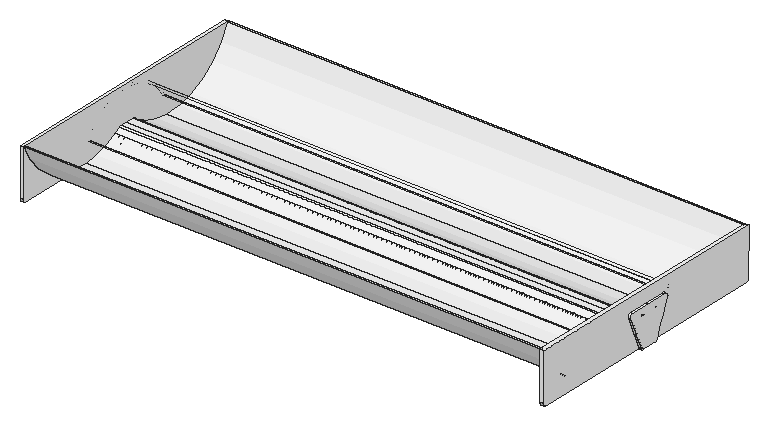
Revit family "STE24", category Lighting Fixtures, host Face, Revit 2012
Parameters (values of type "STE24-328G-MPO-EPU")
  Wattage Comments = "91W"
  Wattage = 91 W
  built-in parameter 1150110 = 1 (stored number, unit not read)
  URL = "http://www.columbialighting.com/"
  built-in parameter 1114217 = 1 (stored number, unit not read)
  Tilt Angle = -90.00°
  built-in parameter 1150109 = 1 (stored number, unit not read)
  built-in parameter 1150134 = (empty or 0)
  built-in parameter 1150113 = 1 (stored number, unit not read)
  Product Page URL = "http://www.columbialighting.com/products/ste/"
  Product Documentation Link = "http://www.columbialighting.com/content/products/specs/specs_files/ste24_240tt.pdf"
  Photometric Web File = "3474.IES"
  Model = "STE24"  # constant formula
  Manufacturer Phone = "864.678.1000"  # constant formula
  Manufacturer Fax = "866.898.1065"  # constant formula
  Manufacturer = "Columbia Lighting"  # constant formula
  built-in parameter 1150105 = 3678.4 (stored number, unit not read)
  Lumens = 13517.3 lm
  built-in parameter 1150115 = 1 (stored number, unit not read)
  built-in parameter 1150137 = (empty or 0)
  built-in parameter 1150139 = (empty or 0)
  built-in parameter 1150112 = 1 (stored number, unit not read)
  built-in parameter 1150114 = 1 (stored number, unit not read)
  Lamp = "3"
  built-in parameter 1150132 = (empty or 0)
  built-in parameter 1150102 = (empty or 0)
  built-in parameter 1150107 = 2725 (stored number, unit not read)
  built-in parameter 1150138 = (empty or 0)
  built-in parameter 1150106 = 36.784 (stored number, unit not read)
  Glass = Glass
  Emit from Line Length = 46.000"
  built-in parameter 1150104 = 13.8 (stored number, unit not read)
  Dimming Lamp Color Temperature Shift = <None>
  Description = "2' × 4' Stratus® Recessed Indirect / 2-Lamp Twin Tube Cross Section"  # constant formula
  Default Elevation = 48.000"
  Color Filter = 16777215
  built-in parameter 1114218 = 1 (stored number, unit not read)
  Backbox = White
  built-in parameter 1150133 = 10 (stored number, unit not read)
Types (9): name | Wattage Comments | Wattage | Photometric Web File | built-in parameter 1150105 | Lumens | Lamp | built-in parameter 1150106
  STE24-228G-MPO-EPU | "65W" | 65 W | "itl67663.IES" | 2969 (stored number, unit not read) | 9655.23 lm | "2" | 29.69 (stored number, unit not read)
  STE24-232G-MPO-EU | "49W" | 49 W | "ITL65806.IESÿ" | 579.21 (stored number, unit not read) | 7278.56 lm | "2" | 5.7921 (stored number, unit not read)
  STE24-254G-MPO-EPU | "113W" | 113 W | "3703.IES" | 4696.1 (stored number, unit not read) | 16785.2 lm | "2" | 46.961 (stored number, unit not read)
  STE24-328G-CLO-EPU | "93W" | 93 W | "3477.IES" | 4171.5 (stored number, unit not read) | 13814.4 lm | "3" | 41.715 (stored number, unit not read)
  STE24-328G-MPO-EPU | "91W" | 91 W | "3474.IES" | 3678.4 (stored number, unit not read) | 13517.3 lm | "3" | 36.784 (stored number, unit not read)
  STE24-332G-MPO-3EU-DG | "69W" | 69 W | "3464.IES" | 2725.6 (stored number, unit not read) | 10249.4 lm | "3" | 27.256 (stored number, unit not read)
  STE24-332G-MPO-EU | "71W" | 71 W | "ITL65805.IES" | 2875 (stored number, unit not read) | 10546.5 lm | "3" | 28.75 (stored number, unit not read)
  STE24-328G-WPBMPO-EPU | "93W" | 93 W | "3475.IES" | 3790.8 (stored number, unit not read) | 13814.4 lm | "3" | 37.908 (stored number, unit not read)
  STE24-354G-MPO-EPU | "161W" | 161 W | "3708.IES" | 6237.7 (stored number, unit not read) | 23915.3 lm | "3" | 62.377 (stored number, unit not read)
Reference planes (in)
  plane 1 "Center (Front/Back)": y = 0.03999
  plane 2: z = 0
  plane 3 "Center (Left/Right)": x = 0.07354
  plane 4: y = 12.03999
  plane 5: y = -11.96001
  plane 6: x = -24.42646
  plane 7: x = 24.57354
  plane 8: x = -24.12646
  plane 9: x = 24.27354
  plane 10: z = 0.75
  plane 11: z = -4.75
  plane 12: z = -2.93643
  plane 13: x = 24.87354
  plane 14: x = -24.72646
Forms (in)
  Extrusion 1, void
    sketch origin (0.07354, 0, 0) x (0, 1, 0) y (0, 0, 1)
      loop
        line (12.03999, 0.75) -> (-11.96001, 0.75) -> (-11.96001, -4.75) -> (12.03999, -4.75) -> (12.03999, 0.75)
    from -24.5 to 24.5
  Extrusion 2, solid, material "Glass" <- "Glass"
    sketch origin (0.07354, 0, 0) x (0, 1, 0) y (0, 0, 1)
      loop
        arc (4.57433, -2.93643) -> (0.06712, -0.12527) -> (-4.4401, -2.93643) r 5.01886
        line (-4.4401, -2.93643) -> (-4.21757, -2.93643)
        arc (-4.21757, -2.93643) -> (0.06712, -0.32412) -> (4.3518, -2.93643) r 4.82
        line (4.3518, -2.93643) -> (4.57433, -2.93643)
    from -24.2 to 24.2
  Extrusion 3, solid, material "White" <- "Backbox"
    sketch origin (0.07354, 0, 0) x (0, 1, 0) y (0, 0, 1)
      loop
        line (12.03999, 0) -> (11.83893, 0)
        arc (11.83893, 0) -> (9.01536, -3.42293) -> (4.72476, -4.55423) r 7.236
        arc (4.72476, -4.55423) -> (2.99077, -4.24866) -> (1.38211, -3.5329) r 7.22759
        line (1.38211, -3.5329) -> (0.85525, -3.20939)
        arc (0.85525, -3.20939) -> (0.7934, -3.18268) -> (0.72665, -3.17355) r 0.24866
        line (0.72665, -3.17355) -> (0.03999, -3.17355) -> (-0.64666, -3.17355)
        arc (-0.64666, -3.17355) -> (-0.71338, -3.18261) -> (-0.77527, -3.20913) r 0.25022
        line (-0.77527, -3.20913) -> (-1.30212, -3.53095)
        arc (-1.30212, -3.53095) -> (-2.91055, -4.24807) -> (-4.64478, -4.55423) r 7.21582
        arc (-4.64478, -4.55423) -> (-8.93537, -3.42293) -> (-11.75895, 0) r 7.236
        line (-11.75895, 0) -> (-11.96001, 0)
        arc (-11.96001, 0) -> (-9.06722, -3.52815) -> (-4.65728, -4.69802) r 7.42334
        arc (-4.65728, -4.69802) -> (-2.8855, -4.38507) -> (-1.24134, -3.65439) r 7.41107
        line (-1.24134, -3.65439) -> (-0.83133, -3.40921)
        arc (-0.83133, -3.40921) -> (-0.76958, -3.3828) -> (-0.70302, -3.37378) r 0.25
        line (-0.70302, -3.37378) -> (0.03999, -3.37378) -> (0.78301, -3.37378)
        arc (0.78301, -3.37378) -> (0.84959, -3.38287) -> (0.91131, -3.40947) r 0.24844
        line (0.91131, -3.40947) -> (1.32132, -3.65283)
        arc (1.32132, -3.65283) -> (2.96529, -4.3846) -> (4.73727, -4.69802) r 7.40159
        arc (4.73727, -4.69802) -> (9.1472, -3.52815) -> (12.03999, 0) r 7.42334
    from -24.2 to 24.2
  Extrusion 4, solid, material "White" <- "Backbox"
    sketch origin (0.07354, 0, 0) x (0, 1, 0) y (0, 0, 1)
      loop
        line (12.03999, 0) -> (-11.96001, 0) -> (-11.96001, -4.45)
        arc (-11.96001, -4.45) -> (-11.87214, -4.66213) -> (-11.66001, -4.75) r 0.3
        line (-11.66001, -4.75) -> (11.73999, -4.75)
        arc (11.73999, -4.75) -> (11.95212, -4.66213) -> (12.03999, -4.45) r 0.3
        line (12.03999, -4.45) -> (12.03999, 0)
    from 24.2 to 24.5
  Extrusion 5, solid, material "White" <- "Backbox"
    sketch origin (0.07354, 0, 0) x (0, 1, 0) y (0, 0, -1)
      loop
        line (12.03999, 0) -> (12.03999, 4.45)
        arc (12.03999, 4.45) -> (11.95212, 4.66213) -> (11.73999, 4.75) r 0.3
        line (11.73999, 4.75) -> (-11.66001, 4.75)
        arc (-11.66001, 4.75) -> (-11.87214, 4.66213) -> (-11.96001, 4.45) r 0.3
        line (-11.96001, 4.45) -> (-11.96001, 0) -> (12.03999, 0)
    from 24.2 to 24.5
  Extrusion 6, solid, material "White" <- "Backbox"
    sketch origin (0.07354, 0, 0) x (0, 1, 0) y (0, 0, 1)
      loop
        arc (1.23514, -3.86657) -> (1.35402, -3.75289) -> (1.51792, -3.76678) r 0.2
        arc (1.51792, -3.76678) -> (1.41919, -3.71056) -> (1.32132, -3.65283) r 7.40159
        line (1.32132, -3.65283) -> (1.22234, -3.59408)
        arc (1.22234, -3.59408) -> (1.11936, -3.67831) -> (1.0497, -3.79166) r 0.4
        line (1.0497, -3.79166) -> (0.74455, -4.55) -> (0.03999, -4.55) -> (-0.66457, -4.55) -> (-0.96972, -3.79472)
        arc (-0.96972, -3.79472) -> (-1.03938, -3.68138) -> (-1.14235, -3.59715) r 0.4
        line (-1.14235, -3.59715) -> (-1.24134, -3.65634)
        arc (-1.24134, -3.65634) -> (-1.33921, -3.71385) -> (-1.43794, -3.76985) r 7.42294
        arc (-1.43794, -3.76985) -> (-1.27404, -3.75596) -> (-1.15516, -3.86964) r 0.2
        line (-1.15516, -3.86964) -> (-0.85138, -4.62152)
        arc (-0.85138, -4.62152) -> (-0.77578, -4.71488) -> (-0.6609, -4.75) r 0.20544
        line (-0.6609, -4.75) -> (0.03999, -4.75) -> (0.74088, -4.75)
        arc (0.74088, -4.75) -> (0.85576, -4.71488) -> (0.93136, -4.62152) r 0.20544
        line (0.93136, -4.62152) -> (1.23514, -3.86657)
    from -24.2 to 24.2
  Extrusion 7, solid, material "White" <- "Backbox"
    sketch origin (-11.92646, 0, 0) x (0, 1, 0) y (0, 0, 1)
      loop
        line (0.93136, -4.62152) -> (1.23514, -3.86964) -> (1.46189, -3.30843) -> (1.51034, -3.18849) -> (2.16196, -1.57567)
        arc (2.16196, -1.57567) -> (2.13743, -1.34222) -> (1.93017, -1.23202) r 0.25
        line (1.93017, -1.23202) -> (0.03999, -1.23202) -> (-1.85019, -1.23202)
        arc (-1.85019, -1.23202) -> (-2.05745, -1.34222) -> (-2.08198, -1.57567) r 0.25
        line (-2.08198, -1.57567) -> (-1.43036, -3.18849) -> (-1.3819, -3.30843) -> (-1.15516, -3.86964) -> (-0.85138, -4.62152)
        arc (-0.85138, -4.62152) -> (-0.77578, -4.71488) -> (-0.6609, -4.75) r 0.20544
        line (-0.6609, -4.75) -> (0.03999, -4.75) -> (0.74088, -4.75)
        arc (0.74088, -4.75) -> (0.85576, -4.71488) -> (0.93136, -4.62152) r 0.20544
      loop
        arc (0.77321, -2.01699) -> (0.98165, -1.90176) -> (0.93594, -1.66802) r 0.20228
        arc (0.93594, -1.66802) -> (0.7409, -1.78949) -> (0.77321, -2.01699) r 0.21047
      loop
        arc (-0.84516, -1.66802) -> (-0.89088, -1.90176) -> (-0.68244, -2.01699) r 0.20228
        arc (-0.68244, -2.01699) -> (-0.65012, -1.78949) -> (-0.84516, -1.66802) r 0.21047
    from 36.5 to 36.8
  Extrusion 8, solid, material "White" <- "Backbox"
    sketch origin (0.07354, 0, 0) x (0, 1, 0) y (0, 0, 1)
      loop
        line (0.03999, -4.75) -> (0.74088, -4.75)
        arc (0.74088, -4.75) -> (0.85576, -4.71488) -> (0.93136, -4.62152) r 0.20544
        line (0.93136, -4.62152) -> (1.23514, -3.86964) -> (1.46189, -3.30843) -> (1.51034, -3.18849) -> (2.16196, -1.57567)
        arc (2.16196, -1.57567) -> (2.13743, -1.34222) -> (1.93017, -1.23202) r 0.25
        line (1.93017, -1.23202) -> (0.03999, -1.23202) -> (-1.85019, -1.23202)
        arc (-1.85019, -1.23202) -> (-2.05745, -1.34222) -> (-2.08198, -1.57567) r 0.25
        line (-2.08198, -1.57567) -> (-1.43036, -3.18849) -> (-1.3819, -3.30843) -> (-1.15516, -3.86964) -> (-0.85138, -4.62152)
        arc (-0.85138, -4.62152) -> (-0.77578, -4.71488) -> (-0.6609, -4.75) r 0.20544
        line (-0.6609, -4.75) -> (0.03999, -4.75)
      loop
        arc (0.93594, -1.66802) -> (0.7409, -1.78949) -> (0.77321, -2.01699) r 0.21047
        arc (0.77321, -2.01699) -> (0.98165, -1.90176) -> (0.93594, -1.66802) r 0.20228
      loop
        arc (-0.84516, -1.66802) -> (-0.89088, -1.90176) -> (-0.68244, -2.01699) r 0.20228
        arc (-0.68244, -2.01699) -> (-0.65012, -1.78949) -> (-0.84516, -1.66802) r 0.21047
    from -24.8 to -24.5
Cuts and joins
  joined: Extrusion 5, Extrusion 6, Extrusion 8
Dimensions and locks (in)
  equal spacing: plane 4, plane 1 "Center (Front/Back)", plane 5
  locked: plane 4 to plane 5 at 24
  equal spacing: plane 7, plane 3 "Center (Left/Right)", plane 6
  plane 7 to plane 6 = 49.000"
  locked: plane 8 to plane 6 at 0.3
  locked: plane 9 to plane 7 at 0.3
  locked: plane 10 to level at 0.75
  locked: level to plane 11 at 4.75
  plane 4 to Extrusion 3 sketch curve = 0.20106"
  level to plane 12 = 2.93643"
  locked: plane 7 to plane 13 at 0.3
  locked: plane 6 to plane 14 at 0.3
  aligned and locked: plane 2 to host face
  aligned and locked: Extrusion 1 sketch curve to plane 4
  aligned and locked: Extrusion 1 sketch curve to plane 5
  aligned and locked: Extrusion 1 to plane 6
  aligned and locked: Extrusion 1 to plane 7
  aligned and locked: Extrusion 2 to plane 8
  aligned and locked: Extrusion 2 to plane 9
  aligned and locked: imposter light to plane 1 "Center (Front/Back)"
  aligned and locked: Extrusion 1 sketch curve to plane 10
  aligned and locked: plane 1 "Center (Front/Back)" to Extrusion 3 sketch curve
  aligned and locked: Extrusion 4 sketch curve to Extrusion 3  (x2)
  aligned and locked: Extrusion 4 sketch curve to plane 11
  aligned and locked: Extrusion 4 sketch curve to plane 5
  aligned and locked: Extrusion 4 to plane 7
  aligned and locked: plane 9 to Extrusion 4
  aligned and locked: Extrusion 5 to plane 6
  aligned and locked: plane 8 to Extrusion 5
  aligned and locked: cut or joined group of Extrusion 5, Extrusion 6, Extrusion 8 to Extrusion 6 sketch curve
  aligned and locked: Extrusion 6 to plane 9
  aligned and locked: Extrusion 6 to plane 8
  aligned and locked: Extrusion 2 to cut or joined group of Extrusion 5, Extrusion 6, Extrusion 8
  aligned and locked: Extrusion 2 sketch curve to plane 12
  aligned and locked: plane 12 to Extrusion 2 sketch curve
  aligned and locked: Extrusion 3 to plane 8
  aligned and locked: Extrusion 3 to plane 9
  aligned and locked: Extrusion 7 sketch curve to cut or joined group of Extrusion 5, Extrusion 6, Extrusion 8
  aligned and locked: plane 7 to Extrusion 7
  aligned and locked: Extrusion 7 to plane 13
  aligned and locked: Extrusion 8 to plane 14
  aligned and locked: plane 6 to Extrusion 8
Automatic sketch dimensions
  host sketch curve to host sketch curve = 96.000"  (x2)
  Extrusion 1 sketch curve to plane 11 = 0.000"
  Extrusion 3 sketch curve to level = 0.000"  (x2)
  Extrusion 3 sketch curve to plane 5 = 0.000"
  Extrusion 3 sketch curve to plane 1 "Center (Front/Back)" = 0.000"
  Extrusion 3 sketch curve to plane 4 = 0.000"
  Extrusion 3 sketch curve to Extrusion 3 sketch curve = 0.20106"
  plane 1 "Center (Front/Back)" to Extrusion 3 sketch curve = 5.09092"
  Extrusion 3 sketch curve to Extrusion 3 sketch curve = 0.00002"  (x2)
  Extrusion 3 sketch curve to Extrusion 3 sketch curve = 0.01683"  (x2)
  Extrusion 3 sketch curve to Extrusion 3 sketch curve = 0.01133"  (x2)
  plane 11 to Extrusion 3 sketch curve = 0.05198"  (x2)
  plane 1 "Center (Front/Back)" to Extrusion 3 sketch curve = 4.69728"
  Extrusion 3 sketch curve to Extrusion 3 sketch curve = 0.000"  (x2)
  Extrusion 3 sketch curve to Extrusion 3 sketch curve = 0.01251"  (x2)
  plane 1 "Center (Front/Back)" to Extrusion 3 sketch curve = 1.34212"
  Extrusion 3 sketch curve to Extrusion 3 sketch curve = 0.06079"  (x2)
  Extrusion 3 sketch curve to Extrusion 3 sketch curve = 0.41001"  (x2)
  Extrusion 3 sketch curve to Extrusion 3 sketch curve = 0.05606"
  Extrusion 3 sketch curve to Extrusion 3 sketch curve = 0.1283"  (x2)
  Extrusion 3 sketch curve to Extrusion 3 sketch curve = 0.05636"  (x2)
  Extrusion 3 sketch curve to plane 1 "Center (Front/Back)" = 0.68665"
  Extrusion 3 sketch curve to Extrusion 3 sketch curve = 0.12861"
  plane 11 to Extrusion 3 sketch curve = 0.19577"
  Extrusion 3 sketch curve to Extrusion 3 sketch curve = 3.34265"
  level to Extrusion 3 sketch curve = 2.66347"
  Extrusion 3 sketch curve to plane 1 "Center (Front/Back)" = 5.06274"
  Extrusion 3 sketch curve to Extrusion 3 sketch curve = 0.14379"
  Extrusion 3 sketch curve to Extrusion 3 sketch curve = 0.03061"  (x2)
  Extrusion 3 sketch curve to Extrusion 3 sketch curve = 0.12344"
  Extrusion 3 sketch curve to Extrusion 3 sketch curve = 0.200"  (x2)
  Extrusion 3 sketch curve to Extrusion 3 sketch curve = 0.01456"
  Extrusion 3 sketch curve to Extrusion 3 sketch curve = 0.16438"
  plane 5 to Extrusion 4 sketch curve = 0.300"
  plane 4 to Extrusion 4 sketch curve = 0.300"
  Extrusion 5 sketch curve to plane 5 = 0.000"
  Extrusion 5 sketch curve to plane 11 = 0.000"
  Extrusion 5 sketch curve to plane 4 = 0.000"
  Extrusion 5 sketch curve to level = 0.000"
  plane 5 to Extrusion 5 sketch curve = 0.300"
  plane 4 to Extrusion 5 sketch curve = 0.300"
  Extrusion 6 sketch curve to Extrusion 6 sketch curve = 0.000"  (x7)
  Extrusion 6 sketch curve to Extrusion 6 sketch curve = 0.70089"
  plane 11 to Extrusion 6 sketch curve = 0.200"
  Extrusion 6 sketch curve to Extrusion 6 sketch curve = 0.00367"  (x2)
  plane 11 to Extrusion 6 sketch curve = 0.12848"  (x2)
  Extrusion 6 sketch curve to Extrusion 6 sketch curve = 0.18681"  (x2)
  Extrusion 6 sketch curve to Extrusion 6 sketch curve = 0.30882"  (x2)
  Extrusion 6 sketch curve to Extrusion 6 sketch curve = 0.17263"  (x2)
  Extrusion 6 sketch curve to Extrusion 6 sketch curve = 0.18544"  (x4)
  Extrusion 6 sketch curve to Extrusion 6 sketch curve = 0.09899"  (x2)
  Extrusion 6 sketch curve to Extrusion 6 sketch curve = 0.09735"  (x2)
  plane 1 "Center (Front/Back)" to Extrusion 6 sketch curve = 5.0909"
  Extrusion 6 sketch curve to plane 1 "Center (Front/Back)" = 0.70089"
  Extrusion 6 sketch curve to Extrusion 6 sketch curve = 0.17471"
  plane 11 to Extrusion 6 sketch curve = 0.80544"
  Extrusion 6 sketch curve to Extrusion 6 sketch curve = 0.07492"  (x4)
  Extrusion 6 sketch curve to Extrusion 6 sketch curve = 0.05919"
  Extrusion 6 sketch curve to plane 1 "Center (Front/Back)" = 0.000"  (x2)
  Extrusion 2 sketch curve to Extrusion 2 sketch curve = 0.000"  (x2)
  Extrusion 2 sketch curve to Extrusion 2 sketch curve = 0.22253"
  Extrusion 2 sketch curve to plane 1 "Center (Front/Back)" = 0.02713"
  Extrusion 2 sketch curve to plane 1 "Center (Front/Back)" = 4.31181"
  Extrusion 2 sketch curve to plane 11 = 0.39413"
  Extrusion 7 sketch curve to plane 1 "Center (Front/Back)" = 0.000"  (x2)
  Extrusion 7 sketch curve to Extrusion 7 sketch curve = 0.70089"
  plane 1 "Center (Front/Back)" to Extrusion 7 sketch curve = 0.72243"
  Extrusion 7 sketch curve to Extrusion 7 sketch curve = 0.02511"  (x2)
  Extrusion 7 sketch curve to Extrusion 7 sketch curve = 0.13332"  (x2)
  Extrusion 7 sketch curve to Extrusion 7 sketch curve = 0.13761"  (x2)
  plane 11 to Extrusion 7 sketch curve = 0.12848"  (x2)
  Extrusion 7 sketch curve to Extrusion 7 sketch curve = 0.19048"
  Extrusion 7 sketch curve to Extrusion 7 sketch curve = 0.30378"  (x2)
  Extrusion 7 sketch curve to Extrusion 7 sketch curve = 0.22674"  (x2)
  Extrusion 7 sketch curve to Extrusion 7 sketch curve = 0.04846"  (x2)
  Extrusion 7 sketch curve to Extrusion 7 sketch curve = 1.00502"
  Extrusion 7 sketch curve to Extrusion 7 sketch curve = 0.2318"  (x2)
  Extrusion 7 sketch curve to plane 1 "Center (Front/Back)" = 0.73322"
  Extrusion 7 sketch curve to Extrusion 7 sketch curve = 0.99423"
  Extrusion 7 sketch curve to Extrusion 7 sketch curve = 0.75188"  (x2)
  Extrusion 7 sketch curve to Extrusion 7 sketch curve = 0.56121"  (x2)
  Extrusion 7 sketch curve to Extrusion 7 sketch curve = 0.11994"  (x2)
  Extrusion 7 sketch curve to Extrusion 7 sketch curve = 1.1715"  (x2)
  Extrusion 7 sketch curve to Extrusion 7 sketch curve = 0.13855"  (x2)
  Extrusion 7 sketch curve to Extrusion 7 sketch curve = 0.09234"  (x2)
  Extrusion 7 sketch curve to Extrusion 7 sketch curve = 0.09365"
  Extrusion 8 sketch curve to plane 11 = 0.000"
  Extrusion 8 sketch curve to plane 1 "Center (Front/Back)" = 0.000"  (x2)
  plane 1 "Center (Front/Back)" to Extrusion 8 sketch curve = 0.70089"
  plane 1 "Center (Front/Back)" to Extrusion 8 sketch curve = 0.72243"
  Extrusion 8 sketch curve to Extrusion 8 sketch curve = 0.02511"  (x2)
  Extrusion 8 sketch curve to Extrusion 8 sketch curve = 0.13332"  (x2)
  Extrusion 8 sketch curve to Extrusion 8 sketch curve = 0.13761"  (x2)
  plane 11 to Extrusion 8 sketch curve = 0.12848"  (x2)
  Extrusion 8 sketch curve to Extrusion 8 sketch curve = 0.19048"  (x2)
  Extrusion 8 sketch curve to Extrusion 8 sketch curve = 0.30378"  (x2)
  Extrusion 8 sketch curve to Extrusion 8 sketch curve = 0.22674"  (x2)
  Extrusion 8 sketch curve to Extrusion 8 sketch curve = 0.04846"  (x2)
  Extrusion 8 sketch curve to Extrusion 8 sketch curve = 1.00502"
  Extrusion 8 sketch curve to level = 1.57567"
  Extrusion 8 sketch curve to Extrusion 8 sketch curve = 0.2318"  (x2)
  Extrusion 8 sketch curve to Extrusion 8 sketch curve = 0.70089"
  Extrusion 8 sketch curve to plane 1 "Center (Front/Back)" = 0.73322"
  Extrusion 8 sketch curve to Extrusion 8 sketch curve = 0.99423"
  Extrusion 8 sketch curve to Extrusion 8 sketch curve = 0.75188"  (x2)
  Extrusion 8 sketch curve to Extrusion 8 sketch curve = 0.56121"  (x2)
  Extrusion 8 sketch curve to Extrusion 8 sketch curve = 0.11994"  (x2)
  Extrusion 8 sketch curve to Extrusion 8 sketch curve = 1.1715"  (x2)
  Extrusion 8 sketch curve to Extrusion 8 sketch curve = 0.13855"  (x2)
  Extrusion 8 sketch curve to Extrusion 8 sketch curve = 0.09234"
  Extrusion 8 sketch curve to Extrusion 8 sketch curve = 0.09365"
  Extrusion 6 sketch curve to plane 1 "Center (Front/Back)" = 5.0909"
  plane 11 to Extrusion 6 sketch curve = 0.80851"
  Extrusion 6 sketch curve to Extrusion 6 sketch curve = 0.05875"
Connectors (in)
  electrical at (0.07354, 0.39227, -4.55), driven by "Description"
    settings: on cut or joined group of Extrusion 5, Extrusion 6, Extrusion 8, index 1, voltage 0 V, apparent load 0 VA, apparent load phase1 0 VA, apparent load phase2 0 VA, apparent load phase3 0 VA, power factor 1, load classification "Other", number of poles 1, system type 30, power factor state 1, is connector primary yes, connector utility no, sub classification motor no, connector description "2' × 4' Stratus® Recessed Indirect / 2-Lamp Twin Tube Cross Section"
